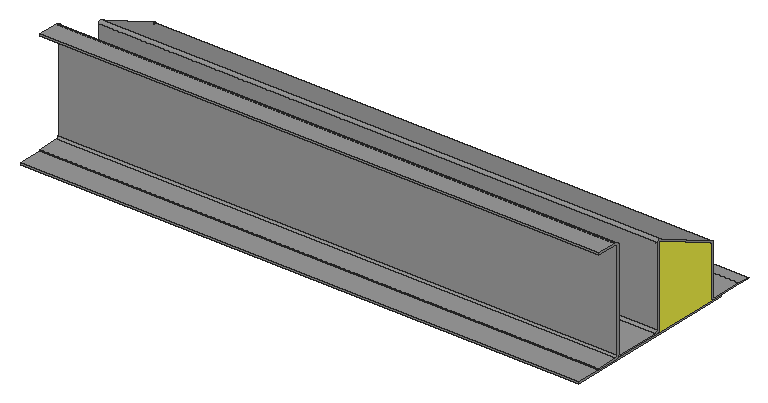
Revit family "SK 150 215 WIL", category Generic Models, Revit 2014
Parameters (values of type "Max lintel length 4050mm")
  URL = "http://www.keystonelintels.co.uk"
  Structural Opening [instance] = 900 mm
  Structural Performance = "The Keystone lintel range has safe working loads as detailed in each applicable loading table in the Keystone Lintel Guide brochure. The structural performance figures within each table have been ascertained by testing in accordance with the requirements of standards BS EN 5977-2: 1983 and BS EN 845-2: 2003."
  RIBA Productor Selector = "available for Keystone Lintels Ltd from Keystone Lintels Ltd from ribaproductselector.com"
  Model = "SK/150 215 WIL"
  Min Length = 600 mm
  Min Clear Span = 300 mm
  Max Length = 4050 mm
  Max Clear Span = 4050 mm
  Material - Stainless Steel = "Grade 304 2b 1.4307 to BS EN 10088-2. Other grades available on request: contact manufacturer."
  Material - Galvanised Steel = "To BS EN 10346: 2009. DX51D plus Z600 or grade Z275 to BS 5977-2: 1983 (BS EN 845-2: 2003)."
  Manufacturer = "Keystone"
  Manufactured Length [instance] = (roundup(Effective Length / 150 mm) * 150 mm)  # 1200 mm
  Lintel height [instance] = 2100 mm
  Keynote = "F30/755"
  Fire Performance = "Keystone lintels have been subjected to a fire test (WARRES No. 101263) in accordance with BS 476-20: 1987, at Exova Warrington Fire and achieved a one hour fire performance."
  End Bearing = 150 mm
  Effective Length [instance] = Clear Opening with MIN MAX set + End Bearing * 2  # 1200 mm
  Corrosion = "Keystone’s standard range of lintels are manufactured from high quality grade pre-galvanized carbon steel with a zinc coating of 600"
  Contact Tel = "+44 (0)28 8676 2184"
  Contact Email = "info@keystonelintels.co.uk"
  Clear Opening with MIN MAX set [instance] = if(Structural Opening < Min Clear Span, Min Clear Span, (if(Structural Opening > Max Clear Span, Max Clear Span, Structural Opening)))  # 900 mm
  CPD Information = "Available for Keystone Lintels Ltd from ribacpd.com"
Reference planes
  plane 1 "Center (Front/Back)": y = 0
  plane 2: z = 0
  plane 3 "Center (Left/Right)": x = 0
  plane 4: x = -600
  plane 5: x = 600
  plane 6: z = 2100
  plane 7: x = -450
  plane 8: x = 450
Forms (mm)
  Extrusion 1, solid, material "Steel"
    sketch origin (0, 658.645, -499.341) x (0, 1, 0) y (0, 0, 1)
      loop
        line (-515.548, 2599.341) -> (-490.595, 2598.456) -> (-490.481, 2601.679) -> (-515.491, 2602.541) -> (-580.491, 2602.541)
        arc (-580.491, 2602.541) -> (-584.027, 2604.006) -> (-585.491, 2607.541) r 5
        line (-585.491, 2607.541) -> (-585.491, 2709.855)
        arc (-585.491, 2709.855) -> (-586.305, 2712.647) -> (-588.491, 2714.566) r 5.2
        line (-588.491, 2714.566) -> (-726.091, 2778.832)
        arc (-726.091, 2778.832) -> (-731.084, 2778.507) -> (-733.491, 2774.12) r 5.2
        line (-733.491, 2774.12) -> (-733.491, 2607.541)
        arc (-733.491, 2607.541) -> (-734.955, 2604.006) -> (-738.491, 2602.541) r 5
        line (-738.491, 2602.541) -> (-833.491, 2602.541) -> (-833.491, 2599.341) -> (-738.491, 2599.341)
        arc (-738.491, 2599.341) -> (-732.693, 2601.743) -> (-730.291, 2607.541) r 8.2
        line (-730.291, 2607.541) -> (-730.291, 2774.12)
        arc (-730.291, 2774.12) -> (-729.365, 2775.807) -> (-727.445, 2775.932) r 2
        line (-727.445, 2775.932) -> (-589.845, 2711.667)
        arc (-589.845, 2711.667) -> (-589.004, 2710.929) -> (-588.691, 2709.855) r 2
        line (-588.691, 2709.855) -> (-588.691, 2607.541)
        arc (-588.691, 2607.541) -> (-586.289, 2601.743) -> (-580.491, 2599.341) r 8.2
        line (-580.491, 2599.341) -> (-515.548, 2599.341)
    from -600 to 600
  Extrusion 2, solid, material "Steel"
    sketch origin (0, 657.913, -499.341) x (0, 1, 0) y (0, 0, 1)
      loop
        line (-563.491, 2596.141) -> (-563.491, 2599.341) -> (-943.491, 2599.341) -> (-943.491, 2596.141) -> (-563.491, 2596.141)
    from -600 to 600
  Extrusion 3, solid, material "Steel"
    sketch origin (0, 658.145, -499.341) x (0, 1, 0) y (0, 0, 1)
      loop
        line (-891.691, 2824.341) -> (-891.691, 2821.141) -> (-845.991, 2821.141)
        arc (-845.991, 2821.141) -> (-842.95, 2819.882) -> (-841.691, 2816.841) r 4.3
        line (-841.691, 2816.841) -> (-841.691, 2606.841)
        arc (-841.691, 2606.841) -> (-842.95, 2603.801) -> (-845.991, 2602.541) r 4.3
        line (-845.991, 2602.541) -> (-891.723, 2602.541) -> (-891.723, 2599.341) -> (-845.991, 2599.341)
        arc (-845.991, 2599.341) -> (-840.688, 2601.538) -> (-838.491, 2606.841) r 7.5
        line (-838.491, 2606.841) -> (-838.491, 2816.841)
        arc (-838.491, 2816.841) -> (-840.688, 2822.144) -> (-845.991, 2824.341) r 7.5
        line (-845.991, 2824.341) -> (-891.691, 2824.341)
    from -600 to 600
  Extrusion 4, solid, material "Insulation"
    sketch origin (0, 658.645, -499.341) x (0, 1, 0) y (0, 0, 1)
      loop
        line (-588.691, 2607.541) -> (-588.691, 2709.855)
        arc (-588.691, 2709.855) -> (-589.004, 2710.929) -> (-589.845, 2711.667) r 2
        line (-589.845, 2711.667) -> (-727.445, 2775.932)
        arc (-727.445, 2775.932) -> (-729.365, 2775.807) -> (-730.291, 2774.12) r 2
        line (-730.291, 2774.12) -> (-730.291, 2607.541)
        arc (-730.291, 2607.541) -> (-732.693, 2601.743) -> (-738.491, 2599.341) r 8.2
        line (-738.491, 2599.341) -> (-580.491, 2599.341)
        arc (-580.491, 2599.341) -> (-586.289, 2601.743) -> (-588.691, 2607.541) r 8.2
    from -600 to 600
  Extrusion 5, solid, not visible
    sketch origin (0, 905.491, 1249.101) x (0, 1, 0) y (0, 0, 1)
      loop
        line (-515.548, 999.341) -> (-490.595, 998.456) -> (-490.481, 1001.679) -> (-515.491, 1002.541) -> (-580.491, 1002.541)
        arc (-580.491, 1002.541) -> (-584.027, 1004.006) -> (-585.491, 1007.541) r 5
        line (-585.491, 1007.541) -> (-585.491, 1109.855)
        arc (-585.491, 1109.855) -> (-586.305, 1112.647) -> (-588.491, 1114.566) r 5.2
        line (-588.491, 1114.566) -> (-726.091, 1178.832)
        arc (-726.091, 1178.832) -> (-731.084, 1178.507) -> (-733.491, 1174.12) r 5.2
        line (-733.491, 1174.12) -> (-733.491, 1007.541)
        arc (-733.491, 1007.541) -> (-734.955, 1004.006) -> (-738.491, 1002.541) r 5
        line (-738.491, 1002.541) -> (-833.491, 1002.541) -> (-833.491, 999.341) -> (-738.491, 999.341)
        arc (-738.491, 999.341) -> (-732.693, 1001.743) -> (-730.291, 1007.541) r 8.2
        line (-730.291, 1007.541) -> (-730.291, 1174.12)
        arc (-730.291, 1174.12) -> (-729.365, 1175.807) -> (-727.445, 1175.932) r 2
        line (-727.445, 1175.932) -> (-589.845, 1111.667)
        arc (-589.845, 1111.667) -> (-589.004, 1110.929) -> (-588.691, 1109.855) r 2
        line (-588.691, 1109.855) -> (-588.691, 1007.541)
        arc (-588.691, 1007.541) -> (-586.289, 1001.743) -> (-580.491, 999.341) r 8.2
        line (-580.491, 999.341) -> (-515.548, 999.341)
    from 0 to 250
  Extrusion 6, solid, not visible
    sketch origin (0, 726.712, 1235.33) x (0, 1, 0) y (0, 0, 1)
      loop
        line (-891.691, 1224.341) -> (-891.691, 1221.141) -> (-845.991, 1221.141)
        arc (-845.991, 1221.141) -> (-842.95, 1219.882) -> (-841.691, 1216.841) r 4.3
        line (-841.691, 1216.841) -> (-841.691, 1006.841)
        arc (-841.691, 1006.841) -> (-842.95, 1003.801) -> (-845.991, 1002.541) r 4.3
        line (-845.991, 1002.541) -> (-891.723, 1002.541) -> (-891.723, 999.341) -> (-845.991, 999.341)
        arc (-845.991, 999.341) -> (-840.688, 1001.538) -> (-838.491, 1006.841) r 7.5
        line (-838.491, 1006.841) -> (-838.491, 1216.841)
        arc (-838.491, 1216.841) -> (-840.688, 1222.144) -> (-845.991, 1224.341) r 7.5
        line (-845.991, 1224.341) -> (-891.691, 1224.341)
    from 0 to 250
  Extrusion 7, solid, not visible
    sketch origin (0, 1073.811, 1032.356) x (0, 1, 0) y (0, 0, 1)
      loop
        line (-563.491, 996.141) -> (-563.491, 999.341) -> (-943.491, 999.341) -> (-943.491, 996.141) -> (-563.491, 996.141)
    from 0 to 250
  Extrusion 8, solid, not visible
    sketch origin (0, 442.756, 872.82) x (0, 1, 0) y (0, 0, 1)
      loop
        line (-588.691, 1007.541) -> (-588.691, 1109.855)
        arc (-588.691, 1109.855) -> (-589.004, 1110.929) -> (-589.845, 1111.667) r 2
        line (-589.845, 1111.667) -> (-727.445, 1175.932)
        arc (-727.445, 1175.932) -> (-729.365, 1175.807) -> (-730.291, 1174.12) r 2
        line (-730.291, 1174.12) -> (-730.291, 1007.541)
        arc (-730.291, 1007.541) -> (-732.693, 1001.743) -> (-738.491, 999.341) r 8.2
        line (-738.491, 999.341) -> (-580.491, 999.341)
        arc (-580.491, 999.341) -> (-586.289, 1001.743) -> (-588.691, 1007.541) r 8.2
    from 0 to 250
Dimensions and locks
  equal spacing: plane 4, plane 3 "Center (Left/Right)", plane 5
  "Manufactured Length": plane 4 to plane 5
  "Lintel height": plane 6 to level
  "Structural Opening": plane 7 to plane 8
  equal spacing: plane 7, plane 3 "Center (Left/Right)", plane 8
  aligned and locked: level to plane 2
  aligned and locked: Extrusion 1 to plane 6
  aligned and locked: Extrusion 4 to plane 6
  aligned and locked: Extrusion 3 to plane 6
  aligned and locked: plane 6 to Extrusion 2
  aligned and locked: plane 5 to Extrusion 2
  aligned and locked: Extrusion 2 to plane 4
  aligned and locked: plane 5 to Extrusion 1
  aligned and locked: Extrusion 1 to plane 4
  aligned and locked: plane 5 to Extrusion 4
  aligned and locked: Extrusion 4 to plane 4
  aligned and locked: plane 5 to Extrusion 3
  aligned and locked: Extrusion 3 to plane 4
Automatic sketch dimensions
  Extrusion 1 sketch curve to Extrusion 1 sketch curve = 24.953 mm
  Extrusion 1 sketch curve to Extrusion 1 sketch curve = 0.114 mm
  Extrusion 1 sketch curve to Extrusion 1 sketch curve = 0.885 mm
  Extrusion 1 sketch curve to Extrusion 1 sketch curve = 3.223 mm
  Extrusion 1 sketch curve to Extrusion 1 sketch curve = 0.057 mm
  Extrusion 1 sketch curve to Extrusion 1 sketch curve = 3.2 mm
  Extrusion 1 sketch curve to Extrusion 1 sketch curve = 64.943 mm
  Extrusion 1 sketch curve to Extrusion 1 sketch curve = 5 mm  (x2)
  Extrusion 1 sketch curve to Extrusion 1 sketch curve = 102.314 mm
  Extrusion 1 sketch curve to Extrusion 1 sketch curve = 0 mm  (x17)
  Extrusion 1 sketch curve to Extrusion 1 sketch curve = 2 mm
  Extrusion 1 sketch curve to Extrusion 1 sketch curve = 0.846 mm  (x2)
  Extrusion 1 sketch curve to Extrusion 1 sketch curve = 1.354 mm  (x2)
  Extrusion 1 sketch curve to Extrusion 1 sketch curve = 137.6 mm
  Extrusion 1 sketch curve to Extrusion 1 sketch curve = 64.265 mm
  Extrusion 1 sketch curve to Extrusion 1 sketch curve = 2.899 mm
  Extrusion 1 sketch curve to Extrusion 1 sketch curve = 1.812 mm
  Extrusion 1 sketch curve to Extrusion 1 sketch curve = 95 mm
  Extrusion 2 sketch curve to Extrusion 2 sketch curve = 380 mm
  Extrusion 2 sketch curve to Extrusion 2 sketch curve = 3.2 mm
  Extrusion 3 sketch curve to Extrusion 3 sketch curve = 45.7 mm
  Extrusion 3 sketch curve to Extrusion 3 sketch curve = 3.2 mm
  Extrusion 3 sketch curve to Extrusion 3 sketch curve = 4.3 mm  (x2)
  Extrusion 3 sketch curve to Extrusion 3 sketch curve = 0 mm  (x8)
  Extrusion 3 sketch curve to Extrusion 3 sketch curve = 210 mm
  Extrusion 3 sketch curve to Extrusion 3 sketch curve = 45.732 mm
  Extrusion 4 sketch curve to Extrusion 4 sketch curve = 8.2 mm  (x2)
  Extrusion 4 sketch curve to Extrusion 4 sketch curve = 149.8 mm  (x2)
  Extrusion 4 sketch curve to Extrusion 4 sketch curve = 0 mm  (x3)
  Extrusion 4 sketch curve to Extrusion 4 sketch curve = 102.314 mm
  Extrusion 4 sketch curve to Extrusion 4 sketch curve = 64.265 mm
  Extrusion 4 sketch curve to Extrusion 4 sketch curve = 2 mm
  Extrusion 4 sketch curve to Extrusion 4 sketch curve = 0.846 mm
  Extrusion 4 sketch curve to Extrusion 4 sketch curve = 1.154 mm
  Extrusion 4 sketch curve to Extrusion 4 sketch curve = 1.812 mm
  Extrusion 5 sketch curve to Extrusion 5 sketch curve = 24.953 mm
  Extrusion 5 sketch curve to Extrusion 5 sketch curve = 0.114 mm
  Extrusion 5 sketch curve to Extrusion 5 sketch curve = 0.885 mm
  Extrusion 5 sketch curve to Extrusion 5 sketch curve = 3.223 mm
  Extrusion 5 sketch curve to Extrusion 5 sketch curve = 0.057 mm
  Extrusion 5 sketch curve to Extrusion 5 sketch curve = 3.2 mm
  Extrusion 5 sketch curve to Extrusion 5 sketch curve = 64.943 mm
  Extrusion 5 sketch curve to Extrusion 5 sketch curve = 5 mm  (x2)
  Extrusion 5 sketch curve to Extrusion 5 sketch curve = 102.314 mm
  Extrusion 5 sketch curve to Extrusion 5 sketch curve = 0 mm  (x17)
  Extrusion 5 sketch curve to Extrusion 5 sketch curve = 2 mm
  Extrusion 5 sketch curve to Extrusion 5 sketch curve = 0.846 mm  (x2)
  Extrusion 5 sketch curve to Extrusion 5 sketch curve = 1.354 mm  (x2)
  Extrusion 5 sketch curve to Extrusion 5 sketch curve = 137.6 mm
  Extrusion 5 sketch curve to Extrusion 5 sketch curve = 64.265 mm
  Extrusion 5 sketch curve to Extrusion 5 sketch curve = 2.899 mm
  Extrusion 5 sketch curve to Extrusion 5 sketch curve = 1.812 mm
  Extrusion 5 sketch curve to Extrusion 5 sketch curve = 95 mm
  Extrusion 6 sketch curve to Extrusion 6 sketch curve = 45.7 mm
  Extrusion 6 sketch curve to Extrusion 6 sketch curve = 3.2 mm
  Extrusion 6 sketch curve to Extrusion 6 sketch curve = 4.3 mm  (x2)
  Extrusion 6 sketch curve to Extrusion 6 sketch curve = 0 mm  (x8)
  Extrusion 6 sketch curve to Extrusion 6 sketch curve = 210 mm
  Extrusion 6 sketch curve to Extrusion 6 sketch curve = 45.732 mm
  Extrusion 7 sketch curve to Extrusion 7 sketch curve = 380 mm
  Extrusion 7 sketch curve to Extrusion 7 sketch curve = 3.2 mm
  Extrusion 8 sketch curve to Extrusion 8 sketch curve = 8.2 mm  (x2)
  Extrusion 8 sketch curve to Extrusion 8 sketch curve = 149.8 mm  (x2)
  Extrusion 8 sketch curve to Extrusion 8 sketch curve = 0 mm  (x3)
  Extrusion 8 sketch curve to Extrusion 8 sketch curve = 102.314 mm
  Extrusion 8 sketch curve to Extrusion 8 sketch curve = 64.265 mm
  Extrusion 8 sketch curve to Extrusion 8 sketch curve = 2 mm
  Extrusion 8 sketch curve to Extrusion 8 sketch curve = 0.846 mm
  Extrusion 8 sketch curve to Extrusion 8 sketch curve = 1.154 mm
  Extrusion 8 sketch curve to Extrusion 8 sketch curve = 1.812 mm
  Extrusion 4 sketch curve to plane 6 = 0 mm
  plane 1 "Center (Front/Back)" to Extrusion 4 sketch curve = 79.846 mm
  Extrusion 3 sketch curve to plane 6 = 0 mm
  plane 1 "Center (Front/Back)" to Extrusion 3 sketch curve = 233.578 mm
  Extrusion 2 sketch curve to plane 6 = 0 mm
  plane 1 "Center (Front/Back)" to Extrusion 2 sketch curve = 285.578 mm
  Extrusion 1 sketch curve to plane 6 = 0 mm
  plane 1 "Center (Front/Back)" to Extrusion 1 sketch curve = 174.846 mm
